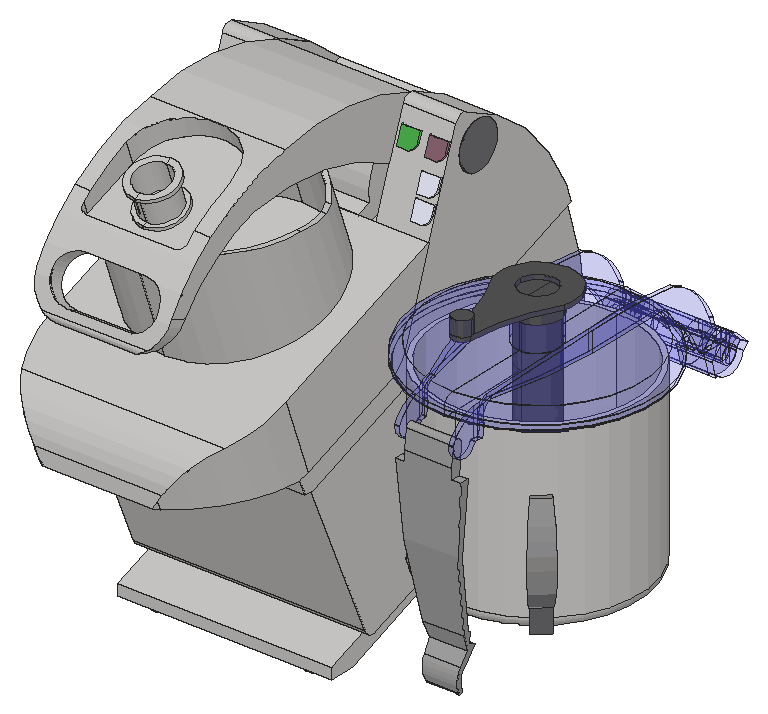
Revit family "QF_ELECTROLUXPROFESSIONAL_600482_TRK45YI", category Specialty Equipment, Revit 2018 (continued)
Definition of nested family "QF_600482_BOWL"
  Lines and regions (mm)
    symbolic lines
      curve 49: line (-71.073, 171.51, 0) -> (-71.073, 49.783, 0)
      curve 50: arc (40.771, 54.948, 0) -> (114.476, -69.566, 0) -> (21.15, -180.138, 0) r 124.909
      curve 51: arc (-60.771, 41.751, 0) -> (-122.562, -68.863, 0) -> (-42.781, -167.295, 0) r 112.979
      curve 52: line (93.154, -162.392, 0) -> (78.293, -147.531, 0)
      curve 53: line (93.154, -162.392, 0) -> (74.048, -178.424, 0)
      curve 54: line (74.048, -178.424, 0) -> (61.96, -161.274, 0)
      curve 55: arc (-37.781, -168.686, 0) -> (-23.999, -171.284, 0) -> (-10, -172.155, 0) r 112.979
      curve 56: arc (-41.15, -180.138, 0) -> (-94.625, -151.05, 0) -> (-128, -100.142, 0) r 124.909
      curve 57: arc (22.781, -167.295, 0) -> (102.562, -68.863, 0) -> (40.771, 41.751, 0) r 112.979
      curve 58: arc (16.15, -181.317, 0) -> (3.148, -183.391, 0) -> (-10, -184.085, 0) r 124.909
      curve 59: line (16.15, -211, 0) -> (16.15, -177.864, 0)
      curve 60: line (-36.15, -211, 0) -> (-36.15, -177.864, 0)
      curve 61: line (-41.15, -211, 0) -> (21.15, -211, 0)
      curve 62: line (22.008, -210.888, 0) -> (22.008, -197.61, 0)
      curve 63: spline (-42.008, -197.61, 0) -> (-41.937, -197.617, 0) -> (-41.865, -197.622, 0) -> (-41.794, -197.626, 0) -> (-41.722, -197.627, 0) -> (-41.651, -197.627, 0) -> (-41.579, -197.625, 0) -> (-41.508, -197.621, 0) -> (-41.436, -197.615, 0) -> (-41.365, -197.608, 0) -> (-41.293, -197.598, 0) -> (-41.222, -197.587, 0) -> (-41.15, -197.574, 0)
      curve 64: line (-42.008, -210.888, 0) -> (-42.008, -197.61, 0)
      curve 65: arc (-128, -18.211, 0) -> (-101.973, 25.34, 0) -> (-60.771, 54.948, 0) r 124.909
      curve 66: arc (-128, -100.142, 0) -> (-134.909, -59.177, 0) -> (-128, -18.211, 0) r 124.909
      curve 67: line (-108, -177.764, 0) -> (-49.233, -177.764, 0)
      curve 68: line (-128, 191, 0) -> (-128, -17.764, 0)
      curve 69: line (29.233, -177.764, 0) -> (108, -177.764, 0)
      curve 70: line (-128, -97.764, 0) -> (-128, -157.764, 0)
      curve 71: line (-108, 211, 0) -> (108, 211, 0)
      curve 72: arc (-128, -157.764, 0) -> (-122.142, -171.906, 0) -> (-108, -177.764, 0) r 20
      curve 73: arc (108, -177.764, 0) -> (122.142, -171.906, 0) -> (128, -157.764, 0) r 20
      curve 74: arc (128, 191, 0) -> (122.142, 205.142, 0) -> (108, 211, 0) r 20
      curve 75: arc (-108, 211, 0) -> (-122.142, 205.142, 0) -> (-128, 191, 0) r 20
      curve 76: line (45.852, 123.86, 0) -> (-71.073, 123.86, 0)
      curve 77: line (45.852, 137.378, 0) -> (-65.852, 137.378, 0)
      curve 78: line (45.852, 143.082, 0) -> (-65.852, 143.082, 0)
      curve 79: line (53.607, 123.86, 0) -> (45.852, 123.86, 0)
      curve 80: line (45.852, 123.86, 0) -> (45.852, 170.216, 0)
      curve 81: line (45.852, 170.216, 0) -> (-65.852, 170.216, 0)
      curve 82: line (-65.852, 170.216, 0) -> (-65.852, 123.86, 0)
      curve 83: line (102.599, 101.361, 0) -> (117.599, 101.361, 0)
  Dimensions and locks
    plane 4 "TOP" to level = 705.4 mm  (x2)
    plane 7 "LEFT" to plane 3 "Center (Left/Right)" to plane 8 "RIGHT" = 128 mm, 128 mm
    plane 6 "BACK" to plane 1 "Center (Front/Back)" to plane 5 "FRONT" = 211 mm, 211 mm
    plane 6 "BACK" to plane 5 "FRONT" = 422 mm
    plane 7 "LEFT" to plane 8 "RIGHT" = 256 mm
    plane 9 "CenterX" to plane 3 "Center (Left/Right)" = 10 mm
    plane 12 to level = 510 mm
    aligned and locked: level to plane 2
    aligned and locked: Extrusion 5 to cut or joined group of Extrusion 8, Extrusion 9, Extrusion 11, Extrusion 20
